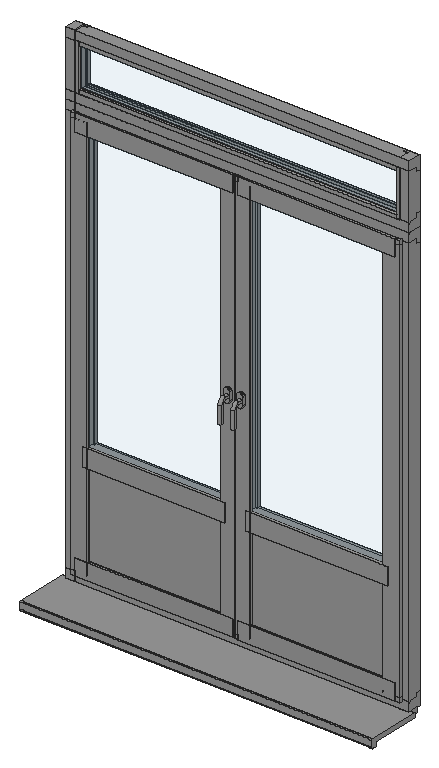
Revit family "deceuninck_balkonnaya_dver_dvustvorchataya_s_framugoi_sverhu", category Windows, host Wall, Revit 2016
Family settings
  Host = Wall
  OmniClass Number = 23.30.20.00
  OmniClass Title = Windows
  Always vertical = Yes
  Cut with Voids When Loaded = No
  Shared = No
  Room Calculation Point = No
Parameters (values of type "Энвин ЭКО-60")
  Ширина профиля = 60 mm
  Ширина проема [instance] = ADSK_Ширина рамы + Монтажный зазор.Левый + Монтажный зазор.Правый  # 1640 mm
  Шир прав створка [instance] = if(Одинаковые створки, ADSK_Ширина рамы / 2, Створка правая.Ширина)  # 800 mm
  Четверть.Ширина [instance] = 65 mm
  Четверть.Правая [instance] = if(and(Четверть правая.Видимость, Четверть), Четверть.Ширина, 0 mm)  # 65 mm
  Четверть.Левая [instance] = if(and(Четверть левая.Видимость, Четверть), Четверть.Ширина, 0 mm)  # 65 mm
  Четверть.Глубина [instance] = 120 mm
  Четверть.Высота [instance] = 65 mm
  Четверть правая.Видимость [instance] = yes
  Четверть левая.Видимость [instance] = yes
  Четверть.Врхняя [instance] = if(Четверть, Четверть.Высота, 0 mm)  # 65 mm
  Четверть [instance] = yes
  Цвет профиля = ""
  Фрамуга.Высота [instance] = ADSK_Высота рамы - Дверь.Высота  # 300 mm
  Формула стеклопакета = ""
  Толщина стеклопакета = "32"
  Стеклопакет.Толщина = 32 mm
  Створка правая.Ширина [instance] = 800 mm
  Створка правая = stvorka_balkonnaya_dver_frantsuz : Дверь.Поворотная лево
  Створка левая.Ширина [instance] = ADSK_Ширина рамы - Створка правая.Ширина  # 800 mm
  Створка левая = stvorka_balkonnaya_dver_frantsuz : Дверь.Поворотная лево
  Система фурнитуры [instance] = ""
  Рама.Окно.Ширина [instance] = 1600 mm
  Рама.Окно.Высота [instance] = 2300 mm
  Профильная система = "Энвин ЭКО 60"
  Проем.Окно.Ширина [instance] = 1640 mm
  Проем.Окно.Высота [instance] = 2355 mm
  Приточный клапан [instance] = no
  Watermarked By = ""
  Rough Width = 0 mm  # constant formula
  Rough Height = 0 mm  # constant formula
  Подоконник.Глубина [instance] = 0 mm
  Подоконник. Видимость [instance] = yes
  Подоконник [instance] = podokonnik : ПВХ 250
  Площаль элемента [instance] = ADSK_Ширина рамы * ADSK_Высота рамы / 1000000 mm  # 3.68 mm
  Открывание 30 [instance] = yes
  Откосы.Глубина [instance] = 310 mm
  Одинаковые створки [instance] = no
  Огнестойкость = "Е-15"
  Нижняя часть.Остекление [instance] = no
  Наименование = "Балконная дверь 2-створчатая с фрамугой сверху Энвин ЭКО-60"
  Монтажный зазор.Спереди [instance] = 10 mm
  Монтажный зазор.Правый [instance] = if(Четверть правая.Видимость, Монтажный зазор.Боковой, 0 mm)  # 20 mm
  Монтажный зазор.Низ [instance] = 10 mm
  Монтажный зазор.Левый [instance] = if(Четверть левая.Видимость, Монтажный зазор.Боковой, 0 mm)  # 20 mm
  Монтажный зазор.Верх [instance] = 20 mm
  Монтажный зазор.Боковой = 20 mm
  Материал-Стеклопакет = none
  Материал-Рама = none
  Материал-Подоконник = ПВХ, белый
  Класс профиля = "Тип В"
  Завод-изготовитель [instance] = "ООО Декёнинк Рус, Россия"  # constant formula
  Дверь.Высота [instance] = 2000 mm
  ГОСТ = "ГОСТ 30673-2013"
  Высота расположения ручки = 1000 mm
  Высота расположения горизонтального импоста [instance] = 500 mm
  Высота профиля створки = 76 mm
  Высота профиля рамы = 62 mm
  Высота профиля имоста = 82 mm
  Высота проема [instance] = ADSK_Высота рамы + 25 mm + Монтажный зазор.Верх + Монтажный зазор.Низ  # 2355 mm
  Height = 0 mm  # constant formula
  Высота порога = 105 mm
  Wall Closure = By host
  Width = 0 mm  # constant formula
  Артикул створки/армирование рстворки = "ZE 60D  /  AR1"
  Артикул рамы/армирование рамы = "LE 60D  /  AR1"
  Артикул импоста/армирование импоста = "TE 60D  /  20 x 35"
  Analytic Construction = "<Нет>"
  λ краевой зоны стеклопакета = 0.0600 (m²·K)/W
  Rстеклопакета = 0.7600 (m²·K)/W
  Rпрофиля = 0.6800 (m²·K)/W
  Rпривед [instance] = 1 / (((Ширина профиля / 1000 mm) * (5.4 - 4 * (Ширина профиля / 1000 mm)) / (1.8 * Rпрофиля / Rед)) + ((1.2 - 2 * (Ширина профиля / 1000 mm)) * (1.5 - 2 * (Ширина профиля / 1000 mm)) / (1.8 * Rстеклопакета / Rед)) + (5.4 - 8 * (Ширина профиля / 1000 mm)) * (λ краевой зоны стеклопакета / Rед))  # 0.61064
  Rед = 1.0000 (m²·K)/W
  ADSK_Ширина рамы [instance] = 1600 mm
  ADSK_Позиция [instance] = ""
  ADSK_Высота рамы [instance] = 2300 mm
Reference planes
  plane 1 "По центру (Вперед/Назад)": y = 0
  plane 2 "По центру (Влево/Вправо)": x = 0
  plane 3 "Подоконник": z = 105
  plane 4 "Наружный": y = 250
  plane 5 "Внутренние": y = -250
  plane 6: x = -820
  plane 7: x = 820
  plane 8: x = -755
  plane 9: x = 755
  plane 10: y = 130
  plane 11: z = 2105
  plane 12: x = -800
  plane 13: x = 800
  plane 14: z = 80
  plane 15: z = 2405
  plane 16: z = 70
  plane 17: z = 2060
  plane 18: y = 120
  plane 19: y = 60
  plane 20: x = -738
  plane 21: x = 738
  plane 22: z = 2043
  plane 23: z = 167
  plane 24: x = 0
  plane 25: y = 107
  plane 26: x = 1747
  plane 27: y = 70
  plane 28: y = 450
  plane 29: z = 2425
  plane 30: z = 2360
  plane 31: z = 2343
  plane 32: z = 2167
Forms (mm)
  Extrusion 1, void
    sketch origin (0, -250, 0) x (1, 0, 0) y (0, 0, 1)
      loop
        line (-820, 2425) -> (-820, 70) -> (820, 70) -> (820, 2425) -> (-820, 2425)
    from 0 to -380
  Extrusion 2, void
    sketch origin (-2200.521, 130, 1000) x (1, 0, 0) y (0, 0, 1)
      loop
        line (1445.521, 1360) -> (1445.521, -930) -> (2955.521, -930) -> (2955.521, 1360) -> (1445.521, 1360)
    from 0 to -320
  Extrusion 3, solid, material <- "Материал-Рама", detail levels fine
    sketch origin (0, 0, 105) x (0, -1, 0) y (-1, 0, 0)
      loop
        line (-120, 800) -> (-120, 738) -> (-107, 738) -> (-107, 758) -> (-60, 758) -> (-60, 800) -> (-120, 800)
      loop
        line (-120, -738) -> (-120, -800) -> (-60, -800) -> (-60, -758) -> (-107, -758) -> (-107, -738) -> (-120, -738)
    from 0 to -2300
  Extrusion 4, solid, material <- "Материал-Рама", detail levels fine
    sketch origin (-750, 0, 0) x (0, -1, 0) y (0, 0, 1)
      loop
        line (-60, 105) -> (-60, 147) -> (-107, 147) -> (-107, 167) -> (-120, 167) -> (-120, 105) -> (-60, 105)
      loop
        line (-60, 2063) -> (-60, 2105) -> (-120, 2105) -> (-120, 2043) -> (-107, 2043) -> (-107, 2063) -> (-60, 2063)
    from 50 to -1550
  Extrusion 5, solid, material <- "Материал-Рама"
    sketch origin (-233.865, 107, 2257) x (0, 0, 1) y (-1, 0, 0)
      loop
        line (-2152, 566.135) -> (-2177, 566.135) -> (-2177, -1033.865) -> (-2152, -1033.865) -> (-2152, 566.135)
    from 0 to 37
  Extrusion 6, solid, detail levels medium
    sketch origin (0, 0, 105) x (0, -1, 0) y (-1, 0, 0)
      loop
        line (-120, 800) -> (-120, 738) -> (-60, 738) -> (-60, 800) -> (-120, 800)
      loop
        line (-120, -800) -> (-60, -800) -> (-60, -738) -> (-120, -738) -> (-120, -800)
    from 0 to -2300
  Extrusion 7, solid, detail levels medium
    sketch origin (-750, 0, 0) x (0, -1, 0) y (0, 0, 1)
      loop
        line (-120, 2105) -> (-120, 2043) -> (-60, 2043) -> (-60, 2105) -> (-120, 2105)
      loop
        line (-60, 105) -> (-60, 167) -> (-120, 167) -> (-120, 105) -> (-60, 105)
    from -1550 to 50
  Extrusion 8, solid, detail levels coarse
    sketch origin (0, 0, 105) x (0, -1, 0) y (-1, 0, 0)
      loop
        line (-120, 800) -> (-120, 690) -> (-47, 690) -> (-47, 800) -> (-120, 800)
      loop
        line (-120, -800) -> (-47, -800) -> (-47, -690) -> (-120, -690) -> (-120, -800)
    from 0 to -2300
  Extrusion 9, solid, detail levels coarse
    sketch origin (-750, 0, 0) x (0, -1, 0) y (0, 0, 1)
      loop
        line (-120, 1992) -> (-47, 1992) -> (-47, 2105) -> (-120, 2105) -> (-120, 1992)
      loop
        line (-47, 105) -> (-47, 214) -> (-120, 214) -> (-120, 105) -> (-47, 105)
    from -1550 to 50
  Extrusion 10, solid, material <- "Материал-Рама", detail levels fine
    sketch origin (0, 0, 0) x (0, -1, 0) y (0, 0, 1)
      loop
        line (-60, 2363) -> (-60, 2405) -> (-120, 2405) -> (-120, 2343) -> (-107, 2343) -> (-107, 2363) -> (-60, 2363)
      loop
        line (-107, 2167) -> (-120, 2167) -> (-120, 2105) -> (-60, 2105) -> (-60, 2147) -> (-107, 2147) -> (-107, 2167)
    from -800 to 800
  Extrusion 11, solid, material <- "Материал-Рама", detail levels medium
    sketch origin (0, 0, 0) x (0, -1, 0) y (0, 0, 1)
      loop
        line (-60, 2167) -> (-120, 2167) -> (-120, 2105) -> (-60, 2105) -> (-60, 2167)
      loop
        line (-120, 2405) -> (-120, 2343) -> (-60, 2343) -> (-60, 2405) -> (-120, 2405)
    from -800 to 800
  Extrusion 12, solid, material <- "Материал-Рама", detail levels coarse
    sketch origin (0, 0, 0) x (1, 0, 0) y (0, 1, 0)
      loop
        line (-68, 107) -> (-68, 47) -> (68, 47) -> (68, 107) -> (-68, 107)
    from 105 to 2105
  Extrusion 13, solid, material <- "Материал-Рама", detail levels coarse
    sketch origin (0, 0, 0) x (0, -1, 0) y (0, 0, 1)
      loop
        line (-120, 2405) -> (-120, 2295) -> (-47, 2295) -> (-47, 2405) -> (-120, 2405)
      loop
        line (-120, 2105) -> (-47, 2105) -> (-47, 2215) -> (-120, 2215) -> (-120, 2105)
    from -800 to 800
Text (mm)
  text "Наружный" at (0, 923.751, 2943.296), in view "Справа"
  text "Наружный" at (0, 1040.484, 2685.409), in view "Слева"
Dimensions and locks
  "Высота порога": plane 3 "Подоконник" to level
  locked: plane 4 "Наружный" to host wall at 0
  locked: plane 5 "Внутренние" to host wall
  "Четверть.Глубина": plane 10 to plane 4 "Наружный"
  locked: plane 3 "Подоконник" to plane 14 at 25
  "Монтажный зазор.Низ": plane 14 to plane 16
  equal spacing: plane 13, plane 2 "По центру (Влево/Вправо)", plane 12
  "ADSK_Ширина рамы": plane 13 to plane 12
  "Четверть.Левая": plane 8 to plane 6
  "Четверть.Правая": plane 7 to plane 9
  "Монтажный зазор.Левый": plane 12 to plane 6
  "Монтажный зазор.Правый": plane 13 to plane 7
  "Монтажный зазор.Спереди": plane 10 to plane 18
  "Ширина профиля": plane 18 to plane 19
  "Высота профиля рамы": plane 12 to plane 20
  locked: Extrusion 3 sketch curve to Extrusion 3 sketch curve at 13  (x2)
  locked: Extrusion 3 sketch curve to Extrusion 3 sketch curve at 20  (x2)
  "Высота профиля рамы": plane 21 to plane 13
  "Высота профиля рамы": plane 11 to plane 22
  "Высота профиля рамы": plane 3 "Подоконник" to plane 23
  locked: Extrusion 4 sketch curve to Extrusion 4 sketch curve at 13  (x2)
  locked: Extrusion 4 sketch curve to Extrusion 4 sketch curve at 20  (x2)
  "Шир прав створка": plane 13 to plane 24
  locked: plane 18 to plane 25 at 13
  locked: plane 27 to plane 19 at 10
  locked: plane 4 "Наружный" to plane 28 at 200
  "Откосы.Глубина": plane 19 to plane 5 "Внутренние"
  "Рама.Окно.Ширина": plane 13 to plane 12
  "Проем.Окно.Ширина": plane 7 to plane 6
  "Четверть.Врхняя": plane 29 to plane 30
  "Монтажный зазор.Верх": plane 29 to plane 15
  "Высота профиля рамы": plane 15 to plane 31
  "Высота профиля рамы": plane 11 to plane 32
  locked: Extrusion 10 sketch curve to Extrusion 10 sketch curve at 20  (x2)
  "ADSK_Высота рамы": plane 15 to plane 3 "Подоконник"
  "Дверь.Высота": plane 11 to plane 3 "Подоконник"
  "Проем.Окно.Высота": plane 29 to plane 16
  "Рама.Окно.Высота": plane 15 to plane 3 "Подоконник"
  aligned and locked: Extrusion 1 sketch curve to plane 6
  aligned and locked: Extrusion 1 sketch curve to plane 7
  aligned and locked: Extrusion 1 sketch curve to plane 16
  aligned and locked: plane 10 to Extrusion 1
  aligned and locked: Extrusion 2 sketch curve to plane 8
  aligned and locked: Extrusion 2 sketch curve to plane 9
  aligned and locked: Extrusion 2 sketch curve to plane 16
  aligned and locked: Extrusion 3 sketch curve to plane 18
  aligned and locked: Extrusion 3 sketch curve to plane 19
  aligned and locked: Extrusion 3 sketch curve to plane 20
  aligned and locked: Extrusion 3 sketch curve to plane 12
  aligned and locked: plane 18 to Extrusion 3 sketch curve
  aligned and locked: plane 19 to Extrusion 3 sketch curve
  aligned and locked: Extrusion 3 sketch curve to plane 13
  aligned and locked: Extrusion 3 sketch curve to plane 21
  aligned and locked: Extrusion 4 sketch curve to plane 19  (x2)
  aligned and locked: Extrusion 4 sketch curve to plane 18  (x2)
  aligned and locked: Extrusion 4 sketch curve to plane 23
  aligned and locked: Extrusion 4 sketch curve to plane 3 "Подоконник"
  aligned and locked: Extrusion 4 sketch curve to plane 22
  aligned and locked: Extrusion 4 sketch curve to plane 11
  aligned and locked: Extrusion 4 to plane 13
  aligned and locked: Extrusion 4 to plane 12
  aligned and locked: Extrusion 5 sketch curve to plane 12
  aligned and locked: Extrusion 5 sketch curve to plane 3 "Подоконник"
  aligned and locked: Extrusion 5 sketch curve to plane 14
  aligned and locked: plane 13 to Extrusion 5 sketch curve
  aligned and locked: Extrusion 5 to plane 27
  aligned and locked: nested 2 to plane 3 "Подоконник"
  aligned and locked: nested 2 to plane 27
  aligned and locked: nested 2 to plane 2 "По центру (Влево/Вправо)"
  aligned and locked: plane 28 to Extrusion 2
  aligned and locked: Extrusion 7 sketch curve to plane 11
  aligned and locked: Extrusion 7 sketch curve to plane 22
  aligned and locked: Extrusion 7 sketch curve to plane 19  (x2)
  aligned and locked: Extrusion 7 sketch curve to plane 18  (x2)
  aligned and locked: Extrusion 7 sketch curve to plane 3 "Подоконник"
  aligned and locked: Extrusion 7 sketch curve to plane 23
  aligned and locked: Extrusion 7 to plane 13
  aligned and locked: Extrusion 6 sketch curve to plane 20
  aligned and locked: Extrusion 6 sketch curve to plane 19  (x2)
  aligned and locked: Extrusion 6 sketch curve to plane 12
  aligned and locked: plane 13 to Extrusion 6 sketch curve
  aligned and locked: plane 21 to Extrusion 6 sketch curve
  aligned and locked: Extrusion 8 sketch curve to plane 12
  aligned and locked: Extrusion 8 sketch curve to plane 18  (x2)
  aligned and locked: plane 13 to Extrusion 8 sketch curve
  aligned and locked: Extrusion 9 sketch curve to plane 18
  aligned and locked: Extrusion 9 sketch curve to plane 11
  aligned and locked: Extrusion 9 sketch curve to plane 3 "Подоконник"
  aligned and locked: Extrusion 8 to Extrusion 9 sketch curve
  aligned and locked: Extrusion 9 to plane 13
  aligned and locked: Extrusion 6 sketch curve to plane 18  (x2)
  aligned and locked: Extrusion 9 to plane 12
  aligned and locked: Extrusion 7 to plane 12
  aligned and locked: plane 17 to nested 1
  aligned and locked: nested 1 to plane 25
  aligned and locked: nested 3 to plane 17
  aligned and locked: nested 3 to plane 25
  aligned and locked: plane 24 to nested 1
  aligned and locked: plane 24 to nested 3
  aligned and locked: Extrusion 8 sketch curve to nested 1
  aligned and locked: Extrusion 8 sketch curve to nested 3  (x2)
  aligned and locked: nested 1 to Extrusion 8 sketch curve
  aligned and locked: plane 18 to nested 4
  aligned and locked: nested 4 to plane 2 "По центру (Влево/Вправо)"
  aligned and locked: Extrusion 9 to nested 1
  aligned and locked: nested 1 to Extrusion 9
  aligned and locked: Extrusion 1 sketch curve to plane 29
  aligned and locked: Extrusion 2 sketch curve to plane 30
  aligned and locked: plane 15 to Extrusion 3
  aligned and locked: plane 15 to Extrusion 6
  aligned and locked: Extrusion 10 sketch curve to plane 25  (x2)
  aligned and locked: Extrusion 10 sketch curve to plane 18  (x2)
  aligned and locked: Extrusion 10 sketch curve to plane 31
  aligned and locked: Extrusion 10 sketch curve to plane 19  (x2)
  aligned and locked: Extrusion 10 sketch curve to plane 15
  aligned and locked: Extrusion 10 sketch curve to plane 32
  aligned and locked: Extrusion 10 sketch curve to plane 11
  aligned and locked: Extrusion 10 to plane 12
  aligned and locked: Extrusion 10 to plane 13
  aligned and locked: Extrusion 11 sketch curve to plane 32
  aligned and locked: Extrusion 11 sketch curve to plane 11
  aligned and locked: Extrusion 11 sketch curve to plane 18  (x2)
  aligned and locked: Extrusion 11 sketch curve to plane 19  (x2)
  aligned and locked: Extrusion 11 sketch curve to plane 15
  aligned and locked: Extrusion 11 sketch curve to plane 31
  aligned and locked: Extrusion 11 to plane 12
  aligned and locked: Extrusion 11 to plane 13
  aligned and locked: nested 5 to Extrusion 10  (x2)
  aligned and locked: plane 25 to nested 5
  aligned and locked: Extrusion 3 to nested 5
  aligned and locked: Extrusion 3 to nested 1
  aligned and locked: nested 3 to Extrusion 3
  aligned and locked: nested 5 to Extrusion 3
  aligned and locked: plane 15 to Extrusion 8
  aligned and locked: Extrusion 12 sketch curve to nested 1
  aligned and locked: Extrusion 12 sketch curve to nested 3
  aligned and locked: Extrusion 5 to Extrusion 12 sketch curve
  aligned and locked: Extrusion 9 to Extrusion 12 sketch curve
  aligned and locked: plane 3 "Подоконник" to Extrusion 12
  aligned and locked: plane 11 to Extrusion 12
  aligned and locked: Extrusion 13 sketch curve to plane 15
  aligned and locked: Extrusion 13 sketch curve to nested 5
  aligned and locked: Extrusion 13 sketch curve to plane 18  (x2)
  aligned and locked: Extrusion 8 to Extrusion 13 sketch curve  (x2)
  aligned and locked: Extrusion 13 sketch curve to plane 11
  aligned and locked: nested 5 to Extrusion 13 sketch curve
  aligned and locked: Extrusion 13 to plane 12
  aligned and locked: Extrusion 13 to plane 13
Automatic sketch dimensions
  plane 23 to Extrusion 9 sketch curve = 47 mm
  plane 22 to Extrusion 9 sketch curve = 51 mm
  Extrusion 9 sketch curve to plane 19 = 13 mm  (x2)
Nested families
  nested 1: "stvorka_balkonnaya_dver_frantsuz" at (-379, 107, 146), Профиль.Ширина <- "Ширина профиля", type <- "Створка левая", Стеклопакет.Толщина <- "Стеклопакет.Толщина", Ручка.Расстояние от низа створки <- "Высота расположения ручки", Высота горизонтального импоста <- "Высота расположения горизонтального импоста", Нижняя часть.Остекление <- "Нижняя часть.Остекление", Профиль.Высота <- "Высота профиля створки", type "Дверь.Поворотная лево"
    with Стеклопакет.Толщина 32 mm, Створка.Ширина 758 mm, Створка.Высота 1914 mm, Ручка.Расстояние от низа створки 1000 mm, Профиль.Ширина 60 mm, Профиль.Высота 76 mm, Нижняя часть.Сэндвич yes, Нижняя часть.Остекление no, Материал.Профиль none, Высота горизонтального импоста 500 mm
  nested 2: "podokonnik" at (0, 70, 105), Материал-Подоконник <- "Материал-Подоконник", Длина подоконника <- "Ширина проема", type <- "Подоконник", visible <- "Подоконник. Видимость", type "ПВХ 250", detail levels fine
    with Материал-Подоконник ПВХ, белый, Длина подоконника 1640 mm
  nested 3: "stvorka_balkonnaya_dver_frantsuz" at (379, 107, 146) x (-1, 0, 0) z (0, 0, 1), Профиль.Ширина <- "Ширина профиля", type <- "Створка правая", Стеклопакет.Толщина <- "Стеклопакет.Толщина", Высота горизонтального импоста <- "Высота расположения горизонтального импоста", Ручка.Расстояние от низа створки <- "Высота расположения ручки", Нижняя часть.Остекление <- "Нижняя часть.Остекление", Профиль.Высота <- "Высота профиля створки", type "Дверь.Поворотная лево"
    with Стеклопакет.Толщина 32 mm, Створка.Ширина 758 mm, Створка.Высота 1914 mm, Ручка.Расстояние от низа створки 1000 mm, Профиль.Ширина 60 mm, Профиль.Высота 76 mm, Нижняя часть.Сэндвич yes, Нижняя часть.Остекление no, Материал.Профиль none, Высота горизонтального импоста 500 mm
  nested 4: "ugo_dver_2-stv" at (0, 90, 0), Монтажный зазор.Слева <- "Монтажный зазор.Правый", Монтажный зазор.Справа <- "Монтажный зазор.Левый", Ширина проема <- "Ширина проема", Ширина профиля <- "Ширина профиля", Рама.Ширина <- "ADSK_Ширина рамы", Створка правая.Ширина <- "Шир прав створка", Открывание 30° <- "Открывание 30", type "ugo_dver"
    with Ширина профиля 60 mm, Ширина проема 1640 mm, Ширина полотна_линия.Правая 820 mm, Ширина полотна_линия.Левая 820 mm, Ширина полотна.Правая 750 mm, Ширина полотна.Левая 750 mm, Створка правая.Ширина 800 mm, Створка левая.Ширина 800 mm, Рама.Ширина 1600 mm, Открывание 90° no, Открывание 30° yes, Монтажный зазор.Справа 20 mm, Монтажный зазор.Слева 20 mm
  nested 5: "stvorka" at (0, 107, 2147), Профиль.Высота <- "Высота профиля створки", Профиль.Ширина <- "Ширина профиля", Стеклопакет.Толщина <- "Стеклопакет.Толщина", type "Глухая"
    with Стеклопакет.Толщина 32 mm, Створка.Ширина 1516 mm, Створка.Высота 216 mm, Ручка.Расстояние от низа створки 108 mm, Профиль.Ширина 60 mm, Профиль.Высота 76 mm, Материал.Профиль none
Definition of nested family "stvorka_balkonnaya_dver_frantsuz"
  Parameters (values of type "Дверь.Поворотная лево")
    Стеклопакет.Толщина [instance] = 32 mm
    Створка.Ширина [instance] = 600 mm
    Створка.Открытие = not(Створка.Глухая)  # yes
    Створка.Высота [instance] = 1500 mm
    Ручка.Расстояние от низа створки [instance] = 750 mm
    Ручка справа = yes
    Ручка снизу = no
    Ручка слева = no
    Ручка сверху. = no
    Профиль.Ширина [instance] = 58 mm
    Профиль.Высота [instance] = 77 mm
    Открывание правое = no
    Открывание низ = no
    Открывание левое = yes
    Открывание верх = no
    Створка.Глухая = no
    Нижняя часть.Сэндвич [instance] = not(Нижняя часть.Остекление)  # no
    Нижняя часть.Остекление [instance] = yes
    Материал.Стеклопакет = none
    Материал.Профиль [instance] = none
    Высота горизонтального импоста [instance] = 480 mm
    Watermarked By = ""
    Type Comments = "﻿﻿                                               ﻿                     ﻿    ﻿ ​                         ﻿           ﻿    ​​          ​​﻿           ​​   ​        ​     ﻿    ﻿﻿"
    Keynote = "﻿﻿                                               ﻿                     ﻿    ﻿ ​                         ﻿           ﻿    ​​          ​​﻿           ​​   ​        ​     ﻿    ﻿﻿"
    Description = "﻿﻿                                               ﻿                     ﻿    ﻿ ​                         ﻿           ﻿    ​​          ​​﻿           ​​   ​        ​     ﻿    ﻿﻿"
    Assembly Code = "﻿﻿                                               ﻿                     ﻿    ﻿ ​                         ﻿           ﻿    ​​          ​​﻿           ​​   ​        ​     ﻿    ﻿﻿"
    Analytic Construction = "<Нет>"
  Types (2, lengths in mm): name | Ручка.Расстояние от низа створки | Ручка справа | Ручка слева | Открывание правое | Открывание левое | Открывание верх
    Дверь.Поворотная право | 500 | no | yes | yes | no | yes
    Дверь.Поворотная лево | 750 | yes | no | no | yes | no
  Reference planes
    plane 1 "По центру (Вперед/Назад)": y = 0
    plane 2: z = 0
    plane 3 "По центру (Влево/Вправо)": x = 0
    plane 4: x = -288
    plane 5: x = 288
    plane 6: y = -58
    plane 7: z = 1500
    plane 8: y = -16
    plane 9: y = -48
    plane 10: y = -51
    plane 11: x = -300
    plane 12: x = 300
    plane 13: z = 12
    plane 14: z = -8
    plane 15: z = 1508
    plane 16: z = 1488
    plane 17: z = 750
    plane 18: x = -308
    plane 19: x = -231
    plane 20: x = 308
    plane 21: x = 231
    plane 22: z = 1431
    plane 23: z = 69
    plane 24: z = 750
    plane 25: z = 480
  Forms (mm)
    Extrusion 1, solid, material <- "Материал.Профиль", visible <- "Створка.Открытие", detail levels fine
      sketch origin (0, 0, 0) x (1, 0, 0) y (0, 1, 0)
        loop
          line (-288, 0) -> (-288, -45) -> (-308, -45) -> (-308, -58) -> (-231, -58) -> (-231, -51) -> (-251, -51) -> (-251, -13) -> (-231, -13) -> (-234, 0) -> (-288, 0)
        loop
          line (300, 0) -> (234, 0) -> (231, -13) -> (251, -13) -> (251, -51) -> (231, -51) -> (231, -58) -> (300, -58) -> (300, 0)
      from 12 to 1488
    Extrusion 2, solid, visible <- "Створка.Открытие", detail levels fine
      sketch origin (0, 0, 0) x (1, 0, 0) y (0, 1, 0)
        loop
          line (-251, -13) -> (-251, -51) -> (-231, -51) -> (-231, -48) -> (-241, -48) -> (-241, -16) -> (-231, -16) -> (-231, -13) -> (-251, -13)
        loop
          line (251, -13) -> (231, -13) -> (231, -16) -> (241, -16) -> (241, -48) -> (231, -48) -> (231, -51) -> (251, -51) -> (251, -13)
      from 49 to 1451
    Extrusion 3, solid, material <- "Материал.Профиль", visible <- "Створка.Открытие", detail levels fine
      sketch origin (0, 0, 12) x (0, 1, 0) y (0, 0, 1)
        loop
          line (-58, 57) -> (-58, -20) -> (-45, -20) -> (-45, 0) -> (0, 0) -> (0, 54) -> (-13, 57) -> (-13, 37) -> (-51, 37) -> (-51, 57) -> (-58, 57)
        loop
          line (-58, 1419) -> (-51, 1419) -> (-51, 1439) -> (-13, 1439) -> (-13, 1419) -> (0, 1422) -> (0, 1476) -> (-45, 1476) -> (-45, 1496) -> (-58, 1496) -> (-58, 1419)
      from -288 to 288
    Extrusion 4, solid, visible <- "Створка.Открытие", detail levels fine
      sketch origin (0, 0, 0) x (0, 1, 0) y (0, 0, 1)
        loop
          line (-16, 69) -> (-16, 59) -> (-48, 59) -> (-48, 69) -> (-51, 69) -> (-51, 49) -> (-13, 49) -> (-13, 69) -> (-16, 69)
        loop
          line (-51, 1451) -> (-51, 1431) -> (-48, 1431) -> (-48, 1441) -> (-16, 1441) -> (-16, 1431) -> (-13, 1431) -> (-13, 1451) -> (-51, 1451)
      from -251 to 251
    Extrusion 5, solid, material <- "Материал.Профиль", visible <- "Створка.Открытие", detail levels fine
      sketch origin (-963, -48, 1200) x (-1, 0, 0) y (0, 0, 1)
        loop
          line (-655, 308) -> (-675, 308) -> (-675, 288) -> (-655, 288) -> (-655, 308)
        loop
          line (-1251, 308) -> (-1263, 308) -> (-1263, 288) -> (-1251, 288) -> (-1251, 308)
        loop
          line (-675, -1188) -> (-675, -1208) -> (-655, -1208) -> (-655, -1188) -> (-675, -1188)
        loop
          line (-1263, -1188) -> (-1263, -1208) -> (-1251, -1208) -> (-1251, -1188) -> (-1263, -1188)
      from 3 to -10
    Extrusion 6, solid, material <- "Материал.Стеклопакет", visible <- "Нижняя часть.Остекление"
      sketch origin (0, -16, 59) x (0, -1, 0) y (1, 0, 0)
        loop
          line (0, 241) -> (0, -241) -> (32, -241) -> (32, 241) -> (0, 241)
      from 0 to 1382
    Extrusion 7, solid, material <- "Материал.Профиль", visible <- "Створка.Открытие", detail levels medium
      sketch origin (0, 0, 0) x (1, 0, 0) y (0, 1, 0)
        loop
          line (-231, 0) -> (-308, 0) -> (-308, -58) -> (-231, -58) -> (-231, 0)
        loop
          line (300, 0) -> (231, 0) -> (231, -58) -> (300, -58) -> (300, 0)
      from 12 to 1488
    Extrusion 8, solid, material <- "Материал.Профиль", visible <- "Створка.Открытие", detail levels medium
      sketch origin (0, 0, 0) x (0, 1, 0) y (0, 0, 1)
        loop
          line (0, 1508) -> (-58, 1508) -> (-58, 1431) -> (0, 1431) -> (0, 1508)
        loop
          line (0, 69) -> (-58, 69) -> (-58, -8) -> (0, -8) -> (0, 69)
      from -308 to 300
    Extrusion 9, solid
      sketch origin (-251, -51, 0) x (0, 1, 0) y (0, 0, -1)
        loop
          line (51, -521.003) -> (51, -438.997) -> (-7, -438.997) -> (-7, -521.003) -> (51, -521.003)
      from 0 to -502
    Extrusion 10, solid, visible <- "Нижняя часть.Сэндвич"
      sketch origin (-251, 0, 521.003) x (0, -1, 0) y (1, 0, 0)
        loop
          line (16, 492) -> (16, 10) -> (48, 10) -> (48, 492) -> (16, 492)
      from 0 to 919.997
    Extrusion 11, solid, visible <- "Нижняя часть.Сэндвич"
      sketch origin (0, -16, 59) x (0, -1, 0) y (1, 0, 0)
        loop
          line (0, 241) -> (0, -241) -> (32, -241) -> (32, 241) -> (0, 241)
      from 0 to 379.997
  Lines and regions (mm)
    symbolic lines, visible <- "Открывание правое"
      curve 1: line (231, 0, 1431) -> (-231, 0, 750)
      curve 2: line (-231, 0, 750) -> (231, 0, 69)
    symbolic lines, visible <- "Открывание левое"
      curve 3: line (-231, 0, 1431) -> (231, 0, 750)
      curve 4: line (231, 0, 750) -> (-231, 0, 69)
    symbolic lines, visible <- "Открывание верх"
      curve 5: line (-231, 0, 69) -> (0, 0, 1431)
      curve 6: line (0, 0, 1431) -> (231, 0, 69)
    symbolic lines, visible <- "Открывание низ"
      curve 7: line (-231, 0, 1431) -> (0, 0, 69)
      curve 8: line (0, 0, 69) -> (231, 0, 1431)
    symbolic lines, visible <- "Створка.Глухая"
      curve 9: line (0, 0, 700) -> (0, 0, 800)
      curve 10: line (-50, 0, 750) -> (50, 0, 750)
  Dimensions and locks
    locked: Extrusion 1 sketch curve to Extrusion 1 sketch curve at 13  (x2)
    "Профиль.Ширина": plane 1 "По центру (Вперед/Назад)" to plane 6
    "Стеклопакет.Толщина": plane 8 to plane 9
    locked: plane 8 to plane 1 "По центру (Вперед/Назад)" at 16
    locked: Extrusion 1 to Extrusion 2 sketch curve at 10
    locked: Extrusion 2 sketch curve to Extrusion 1 at 10
    locked: plane 9 to plane 10 at 3
    locked: Extrusion 3 sketch curve to Extrusion 3 sketch curve at 13  (x2)
    locked: Extrusion 4 sketch curve to Extrusion 3 at 10  (x2)
    "Створка.Высота": plane 7 to plane 2
    locked: plane 4 to plane 11 at 12
    locked: plane 12 to plane 5 at 12
    equal spacing: plane 12, plane 3 "По центру (Влево/Вправо)", plane 11
    "Створка.Ширина": plane 12 to plane 11
    locked: plane 15 to plane 7 at 8
    locked: plane 7 to plane 16 at 12
    locked: plane 2 to plane 14 at 8
    locked: plane 13 to plane 2 at 12
    "Профиль.Высота": plane 18 to plane 19
    "Профиль.Высота": plane 21 to plane 20
    locked: plane 21 to Extrusion 2 at 20
    "Профиль.Высота": plane 22 to plane 15
    locked: plane 11 to plane 18 at 8
    locked: plane 20 to plane 12 at 8
    locked: Extrusion 2 to plane 19 at 20
    "Профиль.Высота": plane 23 to plane 14
    "Ручка.Расстояние от низа створки": plane 17 to plane 2
    locked: nested 1 to plane 4 at 18.5
    locked: plane 5 to nested 2 at 18.5
    equal spacing: plane 7, plane 24, plane 2
    curve 9 to plane 24 to curve 9 = 50 mm locked, 50 mm locked
    curve 10 to plane 3 "По центру (Влево/Вправо)" to curve 10 = 50 mm locked, 50 mm locked
    locked: Extrusion 7 to Extrusion 1 sketch curve at 13
    locked: Extrusion 3 sketch curve to Extrusion 8 at 13  (x2)
    locked: Extrusion 4 to plane 23 at 20
    locked: Extrusion 4 to plane 22 at 20
    "Высота горизонтального импоста": plane 25 to plane 2
    locked: Extrusion 9 sketch curve to Extrusion 9 sketch curve at 82.006
    equal spacing: Extrusion 9 sketch curve, plane 25, Extrusion 9 sketch curve
    aligned and locked: level to plane 2
    aligned and locked: Extrusion 1 sketch curve to plane 4
    aligned and locked: plane 6 to Extrusion 1 sketch curve
    aligned and locked: plane 1 "По центру (Вперед/Назад)" to Extrusion 1 sketch curve
    aligned and locked: plane 10 to Extrusion 1 sketch curve
    aligned and locked: Extrusion 2 sketch curve to Extrusion 1  (x9)
    aligned and locked: Extrusion 2 sketch curve to plane 9
    aligned and locked: Extrusion 2 sketch curve to plane 8
    aligned and locked: Extrusion 1 sketch curve to plane 6
    aligned and locked: Extrusion 1 sketch curve to plane 1 "По центру (Вперед/Назад)"
    aligned and locked: Extrusion 1 to Extrusion 2 sketch curve
    aligned and locked: plane 6 to Extrusion 3 sketch curve
    aligned and locked: plane 1 "По центру (Вперед/Назад)" to Extrusion 3 sketch curve
    aligned and locked: plane 10 to Extrusion 3 sketch curve
    aligned and locked: plane 13 to Extrusion 3
    aligned and locked: plane 8 to Extrusion 4 sketch curve  (x2)
    aligned and locked: plane 9 to Extrusion 4 sketch curve
    aligned and locked: Extrusion 4 sketch curve to Extrusion 3  (x8)
    aligned and locked: Extrusion 3 to Extrusion 4 sketch curve  (x2)
    aligned and locked: plane 5 to Extrusion 3
    aligned and locked: plane 14 to Extrusion 3
    aligned and locked: Extrusion 3 to plane 4
    aligned and locked: Extrusion 4 to Extrusion 1  (x2)
    aligned and locked: Extrusion 2 to Extrusion 4
    aligned and locked: Extrusion 3 sketch curve to plane 6
    aligned and locked: Extrusion 3 sketch curve to plane 1 "По центру (Вперед/Назад)"
    aligned and locked: plane 15 to Extrusion 3 sketch curve
    aligned and locked: Extrusion 2 to Extrusion 4 sketch curve
    aligned and locked: Extrusion 1 to Extrusion 3  (x2)
    aligned and locked: Extrusion 5 sketch curve to plane 15
    aligned and locked: Extrusion 5 sketch curve to plane 16
    aligned and locked: Extrusion 5 sketch curve to plane 4
    aligned and locked: Extrusion 5 to plane 6
    aligned and locked: Extrusion 2 to Extrusion 3
    aligned and locked: plane 5 to Extrusion 5 sketch curve  (x2)
    aligned and locked: plane 16 to Extrusion 5 sketch curve
    aligned and locked: plane 15 to Extrusion 5 sketch curve
    aligned and locked: plane 18 to Extrusion 1 sketch curve
    aligned and locked: Extrusion 1 sketch curve to plane 19
    aligned and locked: plane 21 to Extrusion 1 sketch curve
    aligned and locked: Extrusion 3 sketch curve to plane 14
    aligned and locked: plane 13 to Extrusion 3 sketch curve
    aligned and locked: Extrusion 3 sketch curve to plane 23
    aligned and locked: plane 22 to Extrusion 3 sketch curve
    aligned and locked: Extrusion 3 sketch curve to plane 16
    aligned and locked: Extrusion 6 sketch curve to plane 8
    aligned and locked: Extrusion 6 sketch curve to plane 9
    aligned and locked: Extrusion 6 sketch curve to Extrusion 2  (x2)
    aligned and locked: Extrusion 6 to Extrusion 4
    aligned and locked: plane 4 to Extrusion 5 sketch curve
    aligned and locked: plane 18 to Extrusion 5 sketch curve
    aligned and locked: plane 13 to Extrusion 5 sketch curve  (x2)
    aligned and locked: plane 14 to Extrusion 5 sketch curve  (x2)
    aligned and locked: Extrusion 7 sketch curve to plane 1 "По центру (Вперед/Назад)"  (x2)
    aligned and locked: Extrusion 7 sketch curve to plane 6  (x2)
    aligned and locked: Extrusion 7 sketch curve to plane 18
    aligned and locked: Extrusion 7 sketch curve to plane 19
    aligned and locked: plane 21 to Extrusion 7 sketch curve
    aligned and locked: Extrusion 7 to Extrusion 1
    aligned and locked: Extrusion 1 to plane 16
    aligned and locked: Extrusion 7 to Extrusion 3
    aligned and locked: plane 1 "По центру (Вперед/Назад)" to Extrusion 8 sketch curve  (x2)
    aligned and locked: plane 6 to Extrusion 8 sketch curve  (x2)
    aligned and locked: plane 15 to Extrusion 8 sketch curve
    aligned and locked: plane 22 to Extrusion 8 sketch curve
    aligned and locked: Extrusion 8 sketch curve to plane 23
    aligned and locked: plane 14 to Extrusion 8 sketch curve
    aligned and locked: Extrusion 8 to Extrusion 1  (x2)
    aligned and locked: nested 1 to plane 17
    aligned and locked: nested 2 to plane 17
    aligned and locked: curve 10 to plane 24
    aligned and locked: Extrusion 5 to Extrusion 1
    aligned and locked: Extrusion 9 sketch curve to plane 1 "По центру (Вперед/Назад)"
    aligned and locked: Extrusion 9 sketch curve to plane 6
    aligned and locked: Extrusion 9 to Extrusion 1
    aligned and locked: Extrusion 10 sketch curve to plane 8
    aligned and locked: Extrusion 10 sketch curve to plane 9
    aligned and locked: Extrusion 10 sketch curve to Extrusion 6  (x2)
    aligned and locked: Extrusion 10 to Extrusion 4
    aligned and locked: Extrusion 11 sketch curve to plane 8
    aligned and locked: Extrusion 11 sketch curve to plane 9
    aligned and locked: Extrusion 11 sketch curve to Extrusion 10  (x2)
    aligned and locked: Extrusion 11 to Extrusion 9
    aligned and locked: Extrusion 1 sketch curve to plane 12
    aligned and locked: Extrusion 7 sketch curve to plane 12
    aligned and locked: Extrusion 5 sketch curve to plane 12
    aligned and locked: plane 12 to Extrusion 5 sketch curve
  Automatic sketch dimensions
    Extrusion 1 sketch curve to plane 19 = 0 mm
    Extrusion 1 sketch curve to plane 21 = 0 mm
    plane 10 to Extrusion 1 sketch curve = 0 mm
    Extrusion 1 sketch curve to Extrusion 1 sketch curve = 20 mm  (x2)
    Extrusion 1 sketch curve to plane 19 = 3 mm
    Extrusion 1 sketch curve to plane 21 = 3 mm
    Extrusion 2 sketch curve to plane 9 = 0 mm
    plane 8 to Extrusion 2 sketch curve = 0 mm
    Extrusion 3 sketch curve to plane 10 = 0 mm
    Extrusion 3 sketch curve to plane 23 = 0 mm
    plane 22 to Extrusion 3 sketch curve = 0 mm
    Extrusion 3 sketch curve to plane 23 = 3 mm
    Extrusion 3 sketch curve to plane 22 = 3 mm
    Extrusion 5 sketch curve to plane 18 = 0 mm
    Extrusion 3 sketch curve to plane 22 = 20 mm
    Extrusion 3 sketch curve to plane 23 = 20 mm
    curve 4 to plane 19 = 0 mm
    curve 1 to plane 19 = 0 mm
    curve 3 to plane 19 = 0 mm
    curve 6 to plane 3 "По центру (Влево/Вправо)" = 0 mm
    curve 9 to plane 3 "По центру (Влево/Вправо)" = 0 mm
    curve 8 to plane 3 "По центру (Влево/Вправо)" = 0 mm
    plane 21 to curve 8 = 0 mm
    plane 21 to curve 3 = 0 mm
    plane 21 to curve 2 = 0 mm
    curve 7 to plane 23 = 0 mm
    curve 5 to plane 23 = 0 mm
    curve 2 to plane 23 = 0 mm
    curve 2 to plane 24 = 0 mm
    curve 4 to plane 24 = 0 mm
    curve 8 to plane 22 = 0 mm
    curve 3 to plane 22 = 0 mm
    curve 6 to plane 22 = 0 mm
  Nested families
    nested 1: "ruchka" at (-269.5, -58, 750) x (1, 0, 0) z (0, -1, 0), visible <- "Ручка слева", type "ruchka", detail levels fine
    nested 2: "ruchka" at (269.5, -58, 750) x (1, 0, 0) z (0, -1, 0), visible <- "Ручка справа", Маериал.Ручка <- "Материал.Профиль", type "ruchka", detail levels fine
  Definition of nested family "ruchka"
    Parameters (values of type "ruchka")
      Watermarked By = ""
      Type Comments = "﻿﻿         ​​​   ​​​   ​​​ ​     ​ ​  ​​ ​   ​ ​   ﻿         ﻿       ﻿   ﻿                       ﻿                                                        ﻿   ​         ​   ﻿﻿"
      Keynote = "﻿﻿         ​​​   ​​​   ​​​ ​     ​ ​  ​​ ​   ​ ​   ﻿         ﻿       ﻿   ﻿                       ﻿                                                        ﻿   ​         ​   ﻿﻿"
      Description = "﻿﻿         ​​​   ​​​   ​​​ ​     ​ ​  ​​ ​   ​ ​   ﻿         ﻿       ﻿   ﻿                       ﻿                                                        ﻿   ​         ​   ﻿﻿"
      Default Elevation = 1219.2 mm
      Маериал.Ручка [instance] = none
      Assembly Code = "﻿﻿         ​​​   ​​​   ​​​ ​     ​ ​  ​​ ​   ​ ​   ﻿         ﻿       ﻿   ﻿                       ﻿                                                        ﻿   ​         ​   ﻿﻿"
      Analytic Construction = "<Нет>"
    Reference planes
      plane 1 "По центру (Вперед/Назад)": y = 0
      plane 2: z = 0
      plane 3 "По центру (Влево/Вправо)": x = 0
    Forms (mm)
      Extrusion 1, solid
        sketch origin (0, 0, 0) x (1, 0, 0) y (0, 1, 0)
          loop
            line (-1219.2, 1219.2) -> (-1219.2, -1219.2) -> (1219.2, -1219.2) -> (1219.2, 1219.2) -> (-1219.2, 1219.2)
        from 0 to -304.8
      Extrusion 2, solid, material <- "Маериал.Ручка"
        sketch origin (-1, 0, 0) x (0, -1, 0) y (1, 0, 0)
          loop
            arc (-18, 15) -> (-32, 1) -> (-18, -13) r 14
            line (-18, -13) -> (18, -13)
            arc (18, -13) -> (32, 1) -> (18, 15) r 14
            line (18, 15) -> (-18, 15)
        from 0 to 10
      Sweep 3, solid, material <- "Маериал.Ручка"
        path origin (0, 0, 0) x (0, -1, 0) y (0, 0, 1)
          loop
            line (0, 10) -> (0, 30)
            arc (0, 30) -> (7.903, 42.097) -> (20, 50) r 35.203
            line (20, 50) -> (100, 50)
        profile origin (0, 0, 20) x (0, 1, 0) y (-1, 0, 0)
          loop
            line (0, 7) -> (-7, 7) -> (-7, -7) -> (0, -7)
            arc (0, -7) -> (7, 0) -> (0, 7) r 7
    Dimensions and locks
      aligned and locked: plane 2 to Extrusion 1
      aligned and locked: level to Extrusion 1
Definition of nested family "podokonnik"
  Parameters (values of type "ПВХ 150")
    Материал-Подоконник [instance] = none
    Длина подоконника [instance] = 1500 mm
    Глубина подоконника = 150 mm
    Watermarked By = ""
    Type Comments = "﻿﻿                                               ﻿                     ﻿    ﻿ ​                         ﻿           ﻿    ​​          ​​﻿           ​​   ​        ​     ﻿    ﻿﻿"
    Keynote = "﻿﻿                                               ﻿                     ﻿    ﻿ ​                         ﻿           ﻿    ​​          ​​﻿           ​​   ​        ​     ﻿    ﻿﻿"
    Description = "﻿﻿                                               ﻿                     ﻿    ﻿ ​                         ﻿           ﻿    ​​          ​​﻿           ​​   ​        ​     ﻿    ﻿﻿"
    Assembly Code = "﻿﻿                                               ﻿                     ﻿    ﻿ ​                         ﻿           ﻿    ​​          ​​﻿           ​​   ​        ​     ﻿    ﻿﻿"
  Types (13, lengths in mm): name | Глубина подоконника
    ПВХ 100 | 100
    ПВХ 150 | 150
    ПВХ 200 | 200
    ПВХ 250 | 250
    ПВХ 300 | 300
    ПВХ 350 | 350
    ПВХ 400 | 400
    ПВХ 450 | 450
    ПВХ 500 | 500
    ПВХ 550 | 550
    ПВХ 600 | 600
    ПВХ 650 | 650
    ПВХ 700 | 700
  Reference planes
    plane 1 "По центру (Вперед/Назад)": y = 0
    plane 2: z = 0
    plane 3 "По центру (Влево/Вправо)": x = 0
    plane 4: y = -150
    plane 5: x = 750
    plane 6: x = -750
  Forms (mm)
    Extrusion 1, solid, material <- "Материал-Подоконник"
      sketch origin (0, 0, 0) x (0, 1, 0) y (0, 0, 1)
        loop
          line (0, 0) -> (-146, 0)
          arc (-146, 0) -> (-148.828, -1.172) -> (-150, -4) r 4
          line (-150, -4) -> (-150, -36)
          arc (-150, -36) -> (-148.828, -38.828) -> (-146, -40) r 4
          line (-146, -40) -> (-130, -40) -> (-130, -20) -> (0, -20) -> (0, 0)
      from -750 to 750
  Dimensions and locks
    "Глубина подоконника": plane 1 "По центру (Вперед/Назад)" to plane 4
    equal spacing: plane 6, plane 3 "По центру (Влево/Вправо)", plane 5
    "Длина подоконника": plane 6 to plane 5
    aligned and locked: level to plane 2
    aligned and locked: plane 2 to Extrusion 1 sketch curve
    aligned and locked: plane 4 to Extrusion 1 sketch curve  (x2)
    aligned and locked: plane 5 to Extrusion 1
    aligned and locked: Extrusion 1 to plane 6
  Automatic sketch dimensions
    Extrusion 1 sketch curve to plane 1 "По центру (Вперед/Назад)" = 0 mm
    Extrusion 1 sketch curve to level = 20 mm
    Extrusion 1 sketch curve to level = 4 mm
    Extrusion 1 sketch curve to Extrusion 1 sketch curve = 16 mm  (x2)
    Extrusion 1 sketch curve to Extrusion 1 sketch curve = 4 mm
Definition of nested family "stvorka"
  Parameters (values of type "Глухая")
    Стеклопакет.Толщина [instance] = 32 mm
    Створка.Ширина [instance] = 600 mm
    Створка.Открытие = not(Створка.Глухая)  # no
    Створка.Высота [instance] = 1500 mm
    Ручка.Расстояние от низа створки [instance] = Створка.Высота / 2  # 750 mm
    Ручка справа = no
    Ручка снизу = no
    Ручка слева = no
    Ручка сверху. = no
    Профиль.Ширина [instance] = 58 mm
    Профиль.Высота [instance] = 77 mm
    Открывание правое = no
    Открывание низ = no
    Открывание левое = no
    Открывание верх = no
    Створка.Глухая = yes
    Материал.Стеклопакет = none
    Материал.Профиль [instance] = none
    Watermarked By = ""
    Type Comments = "﻿﻿                                               ﻿                     ﻿    ﻿ ​                         ﻿           ﻿    ​​          ​​﻿           ​​   ​        ​     ﻿    ﻿﻿"
    Keynote = "﻿﻿                                               ﻿                     ﻿    ﻿ ​                         ﻿           ﻿    ​​          ​​﻿           ​​   ​        ​     ﻿    ﻿﻿"
    Description = "﻿﻿                                               ﻿                     ﻿    ﻿ ​                         ﻿           ﻿    ​​          ​​﻿           ​​   ​        ​     ﻿    ﻿﻿"
    Assembly Code = "﻿﻿                                               ﻿                     ﻿    ﻿ ​                         ﻿           ﻿    ​​          ​​﻿           ​​   ​        ​     ﻿    ﻿﻿"
    Analytic Construction = "<Нет>"
  Reference planes
    plane 1 "По центру (Вперед/Назад)": y = 0
    plane 2: z = 0
    plane 3 "По центру (Влево/Вправо)": x = 0
    plane 4: x = -288
    plane 5: x = 288
    plane 6: y = -58
    plane 7: z = 1500
    plane 8: y = -16
    plane 9: y = -48
    plane 10: y = -51
    plane 11: x = -300
    plane 12: x = 300
    plane 13: z = 12
    plane 14: z = -8
    plane 15: z = 1508
    plane 16: z = 1488
    plane 17: z = 750
    plane 18: x = -308
    plane 19: x = -231
    plane 20: x = 308
    plane 21: x = 231
    plane 22: z = 1431
    plane 23: z = 69
    plane 24: z = 750
  Forms (mm)
    Extrusion 1, solid, material <- "Материал.Профиль", visible <- "Створка.Открытие", detail levels fine
      sketch origin (0, 0, 0) x (1, 0, 0) y (0, 1, 0)
        loop
          line (-288, 0) -> (-288, -45) -> (-308, -45) -> (-308, -58) -> (-231, -58) -> (-231, -51) -> (-251, -51) -> (-251, -13) -> (-231, -13) -> (-234, 0) -> (-288, 0)
        loop
          line (288, 0) -> (234, 0) -> (231, -13) -> (251, -13) -> (251, -51) -> (231, -51) -> (231, -58) -> (308, -58) -> (308, -45) -> (288, -45) -> (288, 0)
      from 12 to 1488
    Extrusion 2, solid, visible <- "Створка.Открытие", detail levels fine
      sketch origin (0, 0, 0) x (1, 0, 0) y (0, 1, 0)
        loop
          line (-251, -13) -> (-251, -51) -> (-231, -51) -> (-231, -48) -> (-241, -48) -> (-241, -16) -> (-231, -16) -> (-231, -13) -> (-251, -13)
        loop
          line (251, -13) -> (231, -13) -> (231, -16) -> (241, -16) -> (241, -48) -> (231, -48) -> (231, -51) -> (251, -51) -> (251, -13)
      from 49 to 1451
    Extrusion 3, solid, material <- "Материал.Профиль", visible <- "Створка.Открытие", detail levels fine
      sketch origin (0, 0, 12) x (0, 1, 0) y (0, 0, 1)
        loop
          line (-58, 57) -> (-58, -20) -> (-45, -20) -> (-45, 0) -> (0, 0) -> (0, 54) -> (-13, 57) -> (-13, 37) -> (-51, 37) -> (-51, 57) -> (-58, 57)
        loop
          line (-58, 1419) -> (-51, 1419) -> (-51, 1439) -> (-13, 1439) -> (-13, 1419) -> (0, 1422) -> (0, 1476) -> (-45, 1476) -> (-45, 1496) -> (-58, 1496) -> (-58, 1419)
      from -288 to 288
    Extrusion 4, solid, visible <- "Створка.Открытие", detail levels fine
      sketch origin (0, 0, 0) x (0, 1, 0) y (0, 0, 1)
        loop
          line (-16, 69) -> (-16, 59) -> (-48, 59) -> (-48, 69) -> (-51, 69) -> (-51, 49) -> (-13, 49) -> (-13, 69) -> (-16, 69)
        loop
          line (-51, 1451) -> (-51, 1431) -> (-48, 1431) -> (-48, 1441) -> (-16, 1441) -> (-16, 1431) -> (-13, 1431) -> (-13, 1451) -> (-51, 1451)
      from -251 to 251
    Extrusion 5, solid, material <- "Материал.Профиль", visible <- "Створка.Открытие", detail levels fine
      sketch origin (-963, -48, 1200) x (-1, 0, 0) y (0, 0, 1)
        loop
          line (-655, 308) -> (-675, 308) -> (-675, 288) -> (-655, 288) -> (-655, 308)
        loop
          line (-1251, 308) -> (-1271, 308) -> (-1271, 288) -> (-1251, 288) -> (-1251, 308)
        loop
          line (-675, -1188) -> (-675, -1208) -> (-655, -1208) -> (-655, -1188) -> (-675, -1188)
        loop
          line (-1271, -1188) -> (-1271, -1208) -> (-1251, -1208) -> (-1251, -1188) -> (-1271, -1188)
      from 3 to -10
    Extrusion 6, solid, material <- "Материал.Стеклопакет", visible <- "Створка.Открытие"
      sketch origin (0, -16, 59) x (0, -1, 0) y (1, 0, 0)
        loop
          line (0, 241) -> (0, -241) -> (32, -241) -> (32, 241) -> (0, 241)
      from 0 to 1382
    Extrusion 7, solid, material <- "Материал.Профиль", visible <- "Створка.Открытие", detail levels medium
      sketch origin (0, 0, 0) x (1, 0, 0) y (0, 1, 0)
        loop
          line (-231, 0) -> (-308, 0) -> (-308, -58) -> (-231, -58) -> (-231, 0)
        loop
          line (308, 0) -> (231, 0) -> (231, -58) -> (308, -58) -> (308, 0)
      from 12 to 1488
    Extrusion 8, solid, material <- "Материал.Профиль", visible <- "Створка.Открытие", detail levels medium
      sketch origin (0, 0, 0) x (0, 1, 0) y (0, 0, 1)
        loop
          line (0, 1508) -> (-58, 1508) -> (-58, 1431) -> (0, 1431) -> (0, 1508)
        loop
          line (0, 69) -> (-58, 69) -> (-58, -8) -> (0, -8) -> (0, 69)
      from -308 to 308
    Extrusion 9, solid, material <- "Материал.Профиль", visible <- "Створка.Глухая", detail levels fine
      sketch origin (0, 0, 0) x (0, 1, 0) y (0, 0, 1)
        loop
          line (-45, 1500) -> (-45, 1483) -> (-38, 1480) -> (-38, 1500) -> (-45, 1500)
        loop
          line (-45, 0) -> (-38, 0) -> (-38, 20) -> (-45, 17) -> (-45, 0)
      from -300 to 300
    Extrusion 10, solid, visible <- "Створка.Глухая", detail levels fine
      sketch origin (0, 0, 0) x (0, 1, 0) y (0, 0, 1)
        loop
          line (0, 1500) -> (-38, 1500) -> (-38, 1480) -> (-35, 1480) -> (-35, 1490) -> (-3, 1490) -> (-3, 1480) -> (0, 1480) -> (0, 1500)
        loop
          line (0, 0) -> (0, 20) -> (-3, 20) -> (-3, 10) -> (-35, 10) -> (-35, 20) -> (-38, 20) -> (-38, 0) -> (0, 0)
      from -300 to 300
    Extrusion 11, solid, visible <- "Створка.Глухая", detail levels fine
      sketch origin (0, 0, 0) x (1, 0, 0) y (0, 1, 0)
        loop
          line (-300, 0) -> (-300, -38) -> (-280, -38) -> (-280, -35) -> (-290, -35) -> (-290, -3) -> (-280, -3) -> (-280, 0) -> (-300, 0)
        loop
          line (300, 0) -> (280, 0) -> (280, -3) -> (290, -3) -> (290, -35) -> (280, -35) -> (280, -38) -> (300, -38) -> (300, 0)
      from 0 to 1500
    Extrusion 12, solid, material <- "Материал.Профиль", visible <- "Створка.Глухая", detail levels fine
      sketch origin (0, 0, 0) x (1, 0, 0) y (0, 1, 0)
        loop
          line (-300, -38) -> (-300, -45) -> (-282.357, -45) -> (-280, -38) -> (-300, -38)
        loop
          line (300, -38) -> (280, -38) -> (283, -45) -> (300, -45) -> (300, -38)
      from 0 to 1500
    Extrusion 13, solid, material <- "Материал.Стеклопакет", visible <- "Створка.Глухая"
      sketch origin (0, 0, 0) x (1, 0, 0) y (0, 1, 0)
        loop
          line (-290, -3) -> (-290, -35) -> (290, -35) -> (290, -3) -> (-290, -3)
      from 10 to 1490
    Extrusion 14, solid, material <- "Материал.Профиль", visible <- "Створка.Глухая", detail levels medium
      sketch origin (0, 0, 0) x (1, 0, 0) y (0, 1, 0)
        loop
          line (-280, 0) -> (-300, 0) -> (-300, -45) -> (-280, -45) -> (-280, 0)
        loop
          line (300, 0) -> (280, 0) -> (280, -45) -> (300, -45) -> (300, 0)
      from 0 to 1500
    Extrusion 15, solid, material <- "Материал.Профиль", visible <- "Створка.Глухая", detail levels medium
      sketch origin (-300, 682.027, 1200) x (0, 1, 0) y (0, 0, 1)
        loop
          line (-682.027, 280) -> (-682.027, 300) -> (-727.027, 300) -> (-727.027, 280) -> (-682.027, 280)
        loop
          line (-682.027, -1200) -> (-682.027, -1180) -> (-727.027, -1180) -> (-727.027, -1200) -> (-682.027, -1200)
      from 0 to 600
  Lines and regions (mm)
    symbolic lines, visible <- "Открывание правое"
      curve 1: line (231, 0, 1431) -> (-231, 0, 750)
      curve 2: line (-231, 0, 750) -> (231, 0, 69)
    symbolic lines, visible <- "Открывание левое"
      curve 3: line (-231, 0, 1431) -> (231, 0, 750)
      curve 4: line (231, 0, 750) -> (-231, 0, 69)
    symbolic lines, visible <- "Открывание верх"
      curve 5: line (-231, 0, 69) -> (0, 0, 1431)
      curve 6: line (0, 0, 1431) -> (231, 0, 69)
    symbolic lines, visible <- "Открывание низ"
      curve 7: line (-231, 0, 1431) -> (0, 0, 69)
      curve 8: line (0, 0, 69) -> (231, 0, 1431)
    symbolic lines, visible <- "Створка.Глухая"
      curve 9: line (0, 0, 700) -> (0, 0, 800)
      curve 10: line (-50, 0, 750) -> (50, 0, 750)
  Dimensions and locks
    locked: Extrusion 1 sketch curve to Extrusion 1 sketch curve at 13  (x2)
    "Профиль.Ширина": plane 1 "По центру (Вперед/Назад)" to plane 6
    "Стеклопакет.Толщина": plane 8 to plane 9
    locked: plane 8 to plane 1 "По центру (Вперед/Назад)" at 16
    locked: Extrusion 1 to Extrusion 2 sketch curve at 10
    locked: Extrusion 2 sketch curve to Extrusion 1 at 10
    locked: plane 9 to plane 10 at 3
    locked: Extrusion 3 sketch curve to Extrusion 3 sketch curve at 13  (x2)
    locked: Extrusion 4 sketch curve to Extrusion 3 at 10  (x2)
    "Створка.Высота": plane 7 to plane 2
    locked: plane 4 to plane 11 at 12
    locked: plane 12 to plane 5 at 12
    equal spacing: plane 12, plane 3 "По центру (Влево/Вправо)", plane 11
    "Створка.Ширина": plane 12 to plane 11
    locked: plane 15 to plane 7 at 8
    locked: plane 7 to plane 16 at 12
    locked: plane 2 to plane 14 at 8
    locked: plane 13 to plane 2 at 12
    "Профиль.Высота": plane 18 to plane 19
    "Профиль.Высота": plane 21 to plane 20
    locked: plane 21 to Extrusion 2 at 20
    "Профиль.Высота": plane 22 to plane 15
    locked: plane 11 to plane 18 at 8
    locked: plane 20 to plane 12 at 8
    locked: Extrusion 2 to plane 19 at 20
    "Профиль.Высота": plane 23 to plane 14
    "Ручка.Расстояние от низа створки": plane 17 to plane 2
    locked: nested 3 to plane 13 at 18.5
    locked: nested 4 to plane 16 at 18.5
    locked: nested 1 to plane 4 at 18.5
    locked: plane 5 to nested 2 at 18.5
    equal spacing: plane 7, plane 24, plane 2
    locked: Extrusion 10 sketch curve to Extrusion 10 sketch curve at 20  (x2)
    locked: plane 1 "По центру (Вперед/Назад)" to Extrusion 10 sketch curve at 3  (x2)
    "Стеклопакет.Толщина": Extrusion 10 sketch curve to Extrusion 10 sketch curve  (x2)
    locked: plane 11 to Extrusion 11 sketch curve at 10
    locked: Extrusion 11 sketch curve to Extrusion 11 sketch curve at 3  (x2)
    locked: Extrusion 11 sketch curve to plane 1 "По центру (Вперед/Назад)" at 3
    "Стеклопакет.Толщина": Extrusion 11 sketch curve to Extrusion 11 sketch curve  (x2)
    locked: Extrusion 11 sketch curve to plane 12 at 10
    locked: Extrusion 1 to Extrusion 11 sketch curve at 3
    locked: Extrusion 14 to Extrusion 15 sketch curve at 20  (x2)
    locked: Extrusion 11 to Extrusion 14 sketch curve at 20
    locked: Extrusion 14 sketch curve to Extrusion 14 sketch curve at 20
    curve 9 to plane 24 to curve 9 = 50 mm locked, 50 mm locked
    curve 10 to plane 3 "По центру (Влево/Вправо)" to curve 10 = 50 mm locked, 50 mm locked
    locked: Extrusion 7 to Extrusion 1 sketch curve at 13  (x2)
    locked: Extrusion 3 sketch curve to Extrusion 8 at 13  (x2)
    locked: Extrusion 4 to plane 23 at 20
    locked: Extrusion 4 to plane 22 at 20
    locked: Extrusion 14 to Extrusion 13 at 10
    locked: Extrusion 10 sketch curve to Extrusion 13 at 10
    aligned and locked: level to plane 2
    aligned and locked: Extrusion 1 sketch curve to plane 4
    aligned and locked: plane 6 to Extrusion 1 sketch curve
    aligned and locked: plane 1 "По центру (Вперед/Назад)" to Extrusion 1 sketch curve
    aligned and locked: plane 10 to Extrusion 1 sketch curve
    aligned and locked: Extrusion 2 sketch curve to Extrusion 1  (x9)
    aligned and locked: Extrusion 2 sketch curve to plane 9
    aligned and locked: Extrusion 2 sketch curve to plane 8
    aligned and locked: Extrusion 1 sketch curve to plane 5
    aligned and locked: Extrusion 1 sketch curve to plane 6
    aligned and locked: Extrusion 1 sketch curve to plane 1 "По центру (Вперед/Назад)"
    aligned and locked: Extrusion 1 to Extrusion 2 sketch curve
    aligned and locked: plane 6 to Extrusion 3 sketch curve
    aligned and locked: plane 1 "По центру (Вперед/Назад)" to Extrusion 3 sketch curve
    aligned and locked: plane 10 to Extrusion 3 sketch curve
    aligned and locked: plane 13 to Extrusion 3
    aligned and locked: plane 8 to Extrusion 4 sketch curve  (x2)
    aligned and locked: plane 9 to Extrusion 4 sketch curve
    aligned and locked: Extrusion 4 sketch curve to Extrusion 3  (x8)
    aligned and locked: Extrusion 3 to Extrusion 4 sketch curve  (x2)
    aligned and locked: plane 5 to Extrusion 3
    aligned and locked: plane 14 to Extrusion 3
    aligned and locked: Extrusion 3 to plane 4
    aligned and locked: Extrusion 4 to Extrusion 1  (x2)
    aligned and locked: Extrusion 2 to Extrusion 4
    aligned and locked: Extrusion 3 sketch curve to plane 6
    aligned and locked: Extrusion 3 sketch curve to plane 1 "По центру (Вперед/Назад)"
    aligned and locked: plane 15 to Extrusion 3 sketch curve
    aligned and locked: Extrusion 2 to Extrusion 4 sketch curve
    aligned and locked: Extrusion 1 to Extrusion 3  (x2)
    aligned and locked: Extrusion 5 sketch curve to plane 15
    aligned and locked: Extrusion 5 sketch curve to plane 16
    aligned and locked: Extrusion 5 sketch curve to plane 4
    aligned and locked: Extrusion 5 to plane 6
    aligned and locked: Extrusion 2 to Extrusion 3
    aligned and locked: plane 5 to Extrusion 5 sketch curve  (x2)
    aligned and locked: plane 16 to Extrusion 5 sketch curve
    aligned and locked: plane 15 to Extrusion 5 sketch curve
    aligned and locked: plane 18 to Extrusion 1 sketch curve
    aligned and locked: Extrusion 1 sketch curve to plane 19
    aligned and locked: plane 21 to Extrusion 1 sketch curve
    aligned and locked: Extrusion 1 sketch curve to plane 20
    aligned and locked: Extrusion 3 sketch curve to plane 14
    aligned and locked: plane 13 to Extrusion 3 sketch curve
    aligned and locked: Extrusion 3 sketch curve to plane 23
    aligned and locked: plane 22 to Extrusion 3 sketch curve
    aligned and locked: Extrusion 3 sketch curve to plane 16
    aligned and locked: Extrusion 6 sketch curve to plane 8
    aligned and locked: Extrusion 6 sketch curve to plane 9
    aligned and locked: Extrusion 6 sketch curve to Extrusion 2  (x2)
    aligned and locked: Extrusion 6 to Extrusion 4
    aligned and locked: plane 4 to Extrusion 5 sketch curve
    aligned and locked: plane 18 to Extrusion 5 sketch curve
    aligned and locked: plane 13 to Extrusion 5 sketch curve  (x2)
    aligned and locked: plane 14 to Extrusion 5 sketch curve  (x2)
    aligned and locked: Extrusion 5 sketch curve to plane 20
    aligned and locked: Extrusion 7 sketch curve to plane 1 "По центру (Вперед/Назад)"  (x2)
    aligned and locked: Extrusion 7 sketch curve to plane 6  (x2)
    aligned and locked: Extrusion 7 sketch curve to plane 18
    aligned and locked: Extrusion 7 sketch curve to plane 19
    aligned and locked: plane 20 to Extrusion 7 sketch curve
    aligned and locked: plane 21 to Extrusion 7 sketch curve
    aligned and locked: Extrusion 7 to Extrusion 1
    aligned and locked: Extrusion 1 to plane 16
    aligned and locked: Extrusion 7 to Extrusion 3
    aligned and locked: plane 1 "По центру (Вперед/Назад)" to Extrusion 8 sketch curve  (x2)
    aligned and locked: plane 6 to Extrusion 8 sketch curve  (x2)
    aligned and locked: plane 15 to Extrusion 8 sketch curve
    aligned and locked: plane 22 to Extrusion 8 sketch curve
    aligned and locked: Extrusion 8 sketch curve to plane 23
    aligned and locked: plane 14 to Extrusion 8 sketch curve
    aligned and locked: Extrusion 8 to Extrusion 1  (x2)
    aligned and locked: plane 3 "По центру (Влево/Вправо)" to nested 3
    aligned and locked: plane 3 "По центру (Влево/Вправо)" to nested 4
    aligned and locked: nested 1 to plane 17
    aligned and locked: nested 2 to plane 17
    aligned and locked: Extrusion 9 sketch curve to plane 7
    aligned and locked: Extrusion 10 sketch curve to plane 7
    aligned and locked: plane 1 "По центру (Вперед/Назад)" to Extrusion 10 sketch curve
    aligned and locked: Extrusion 10 sketch curve to Extrusion 10 sketch curve  (x2)
    aligned and locked: Extrusion 10 sketch curve to plane 1 "По центру (Вперед/Назад)"
    aligned and locked: Extrusion 9 sketch curve to plane 2
    aligned and locked: Extrusion 9 sketch curve to Extrusion 10
    aligned and locked: Extrusion 9 to plane 11
    aligned and locked: Extrusion 10 to plane 11
    aligned and locked: plane 12 to Extrusion 10
    aligned and locked: plane 12 to Extrusion 9
    aligned and locked: Extrusion 11 sketch curve to plane 11
    aligned and locked: Extrusion 11 sketch curve to plane 12
